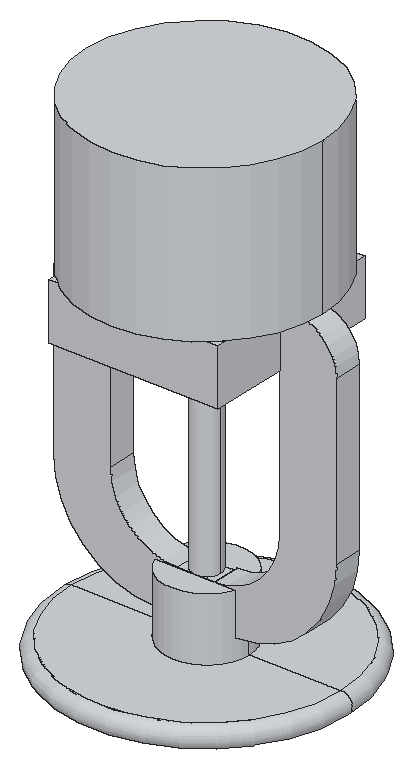
Revit family
Parameters (values of type "RASCO F1FR-EC PENDENT")
  Temperature Rating = 135 °F
  Response = 1
  RASCO SIN # = "R4842"
  RASCO Part # = "F1FREC1LC"
  Pressure Rating = "300 PSI"
  Pressure Class = 1
  Orifice Size = 17/32"
  Orifice = (empty or 0)
  Model = "F1FR"
  Manufacturer = "RASCO"
  K-Factor = 8
  Description = "Chrome Finish"
  Coverage = 1
Reference planes (in)
  plane 1 "Center (Front/Back)": y = 0
  plane 2: z = 0
  plane 3 "Center (Left/Right)": x = 0
Dimensions and locks (in)
  aligned and locked: plane 2 to level
Nested families (in)
  nested 1: "F1FREC1LC" at (-0.01148, -1.2509, 2.4375) x (-1, 0, 0) z (0, 0, -1), type "RASCO F1FR-EC PENDENT"
Connectors (in)
  piping at (-0.01148, -1.2509, 2.4375)
    settings: on nested 1, index 1, connector radius 17/32", flow factor 0, pipe flow 0 GPM, pressure drop 0.00 psi, fitting loss kfactor 0, connector angle 0.00°, fixture units 0, flow configuration 0, flow direction 0, fitting loss method 0, system type 7, connector reference index -1, connector utility 0, adjustable connector no, is connector primary yes, fitting loss table "", connector description ""
Definition of nested family "F1FREC1LC"
  Parameters (values of type "RASCO F1FR-300 PENDENT")
    Type Comments = ""
    Temperature Rating = 0 °F
    Response = (empty or 0)
    Pressure Rating = "0"
    Pressure Class = (empty or 0)
    Orifice Size = 0"
    Orifice = (empty or 0)
    Model = ""
    Manufacturer = ""
    K-Factor = 0
    Description = ""
    Coverage = (empty or 0)
    Assembly Code = ""
  Reference planes (in)
    plane 1 "Center (Front/Back)": y = 0
    plane 2: z = 0
    plane 3 "ref.2": z = 0.6875
    plane 4 "ref.3": z = 0.9375
    plane 5: x = -0.38065
    plane 6: x = 0.36935
    plane 7 "ref. side 1": y = 0.06402
    plane 8 "ref. side 2": y = -0.06098
    plane 9 "ref.4": z = 1.875
    plane 10 "ref.5": z = 2.3125
    plane 11 "ref.6": z = 2.4375
  Forms (in)
    Extrusion 1, solid
      sketch origin (0, 0, 0) x (1, 0, 0) y (0, 1, 0)
        loop
          circle (0, 0) r 0.5221
      from 0 to 0.6875
    Extrusion 2, solid
      sketch origin (-0.12185, 0.05177, 0.6875) x (1, 0, 0) y (0, 1, 0)
        loop
          line (-0.2588, 0.356) -> (-0.2588, -0.4565) -> (0.4912, -0.4565) -> (0.4912, 0.356) -> (-0.2588, 0.356)
      from 0 to 0.25
    Extrusion 3, solid
      sketch origin (0, 0, 0) x (1, 0, 0) y (0, 0, 1)
        loop
          line (-0.38065, 0.69674) -> (-0.38065, 1.58397)
          arc (-0.38065, 1.58397) -> (-0.29541, 1.78976) -> (-0.08962, 1.875) r 0.29103
          line (-0.08962, 1.875) -> (0.07524, 1.875)
          arc (0.07524, 1.875) -> (0.28321, 1.78886) -> (0.36935, 1.58089) r 0.29411
          line (0.36935, 1.58089) -> (0.36935, 0.69728)
          arc (0.36935, 0.69728) -> (0.54046, 0.72329) -> (0.61935, 0.87734) r 0.18984
          line (0.61935, 0.87734) -> (0.61935, 1.61676)
          arc (0.61935, 1.61676) -> (0.48879, 1.93194) -> (0.17361, 2.0625) r 0.44574
          line (0.17361, 2.0625) -> (-0.18509, 2.0625)
          arc (-0.18509, 2.0625) -> (-0.50015, 1.932) -> (-0.63065, 1.61694) r 0.44556
          line (-0.63065, 1.61694) -> (-0.63065, 0.87876)
          arc (-0.63065, 0.87876) -> (-0.55196, 0.72414) -> (-0.38065, 0.69674) r 0.19126
      from -0.06402 to 0.06098
    Extrusion 4, solid
      sketch origin (0, 0, 0.9375) x (-1, 0, 0) y (0, -1, 0)
        loop
          circle (0.00574, -0.00152) r 0.0625
      from 0 to 0.9375
    Extrusion 5, solid
      sketch origin (0, 0, 1.875) x (-1, 0, 0) y (0, -1, 0)
        loop
          circle (0.00574, -0.00152) r 0.1875
      from 0 to 0.4375
    Revolve 6, solid
      sketch origin (0, 0, -0.2777) x (1, 0, 0) y (0, 0, 1)
        loop
          line (-0.19324, 2.43178) -> (-0.19324, 2.52696) -> (-0.60258, 2.52696)
          arc (-0.60258, 2.52696) -> (-0.65017, 2.47937) -> (-0.60258, 2.43178) r 0.04759
          line (-0.60258, 2.43178) -> (-0.19324, 2.43178)
        axis (-0.00574, 2.43178) -> (-0.00574, 2.52696)
      angle from 0 to 360
  Cuts and joins
    joined: Extrusion 1, Extrusion 2, Extrusion 4, Revolve 6
  Lines and regions (in)
    model lines
      curve 1: line (-0.00574, 0.06402, 1.875) -> (-0.00574, -0.06098, 1.875)
  Dimensions and locks (in)
    Extrusion 3 to Extrusion 3 = 0' - 1 1/4"
    Extrusion 5 to cut or joined group of Extrusion 1, Extrusion 2, Extrusion 4, Revolve 6 = 0' - 2 5/16"
